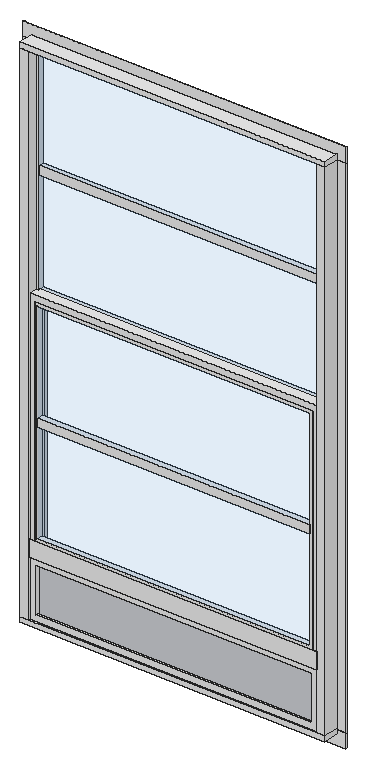
Revit family "Window_Curtain_Wall-Single_Hung-Traco-TR_9100-Heavy_Commercial-Tri_Lite", category Windows, Revit 2015
Parameters (values of type "TR-9100 - SH/Fixed-Bottom")
  Window Width [instance] = if(CTRL Opening Width - Window Right Inset - Window Left Inset < Width Minimum, Width Minimum, if(CTRL Opening Width - Window Right Inset - Window Left Inset > Width Maximum, Width Maximum, CTRL Opening Width - Window Right Inset - Window Left Inset))  # 5' - 4.49761"
  Window Top Inset [instance] = 0' - 0"
  Window Right Inset [instance] = 0' - 0"
  Window Muntin Type [instance] = Muntin-Grid-Traco-Lites : True
  Window Left Inset [instance] = 0' - 0"
  Window Height [instance] = if(CTRL Opening Height - Window Top Inset - Window Bottom Inset < Height Minimum, Height Minimum, if(CTRL Opening Height - Window Bottom Inset - Window Top Inset > Height Maximum, Height Maximum, CTRL Opening Height - Window Top Inset - Window Bottom Inset))  # 9' - 2"
  Window Bottom Inset [instance] = 0' - 0"
  Width Minimum = 2' - 0"
  Width Maximum = 10' - 0"
  Water Resistance = 15.0000 psf
  Uniform Load Structural = 75.0000 psf
  Uniform Load Deflection = 50.0000 psf
  URL = "http://www.alcoa.com/traco/en/home.asp"
  U Factor = ".45 Per NFRC 100"
  Type Comments = "Single Hung with Bottom Panel"
  Test Size = "60\" X 99\""
  Sill Width = 0' - 1"
  Show Sill and Head [instance] = yes
  Screen Width [instance] = Window Width - (0' 1 3/4" * 2)  # 5' - 0.99761"
  Screen Height [instance] = CTRL Sash Bottom Height - (Rail Width / 2)  # 4' - 0"
  Sash Bottom Height [instance] = 1' - 6"
  Rail Width = 0' - 2"
  Product data url = "https://bimobject.com/kawneerna/product/91004"
  Product Page URL = "http://www.alcoa.com/traco/en/product.asp?cat_id=1905&prod_id=4193"
  Product Documentation Link = "http://www.alcoa.com/traco/cad/4193/010_CAD%20Files/010.pdf"
  Panel Thickness = 0' - 2"
  Panel Material = none
  Panel Height [instance] = 1' - 0"
  Model = "TR-9100 Tri-Lite"
  Manufacturer = "Traco"  # constant formula
  Keynote = "08500"
  Height Minimum = 2' - 0"
  Height Maximum = 10' - 0"
  Head Width = 0' - 1"
  Head Extension Right [instance] = 0' - 0"
  Head Extension Left [instance] = 0' - 0"
  Has Window Screen [instance] = yes
  Has Unequal Sash [instance] = no
  Has Muntins = no
  Has Flange Frame [instance] = yes
  Glazing Thickness = 0' - 1"
  Glazing Material = Glass - Traco - Clear
  Frame Material = Aluminum - Traco - Anodized - Gray
  Forced Entry Resistance = "TYPE A: GRADE 10"
  Designation = "AAMA/WDMA/CSA 101/I.S.2/A-440-05: H-AW50 And AAMA/WDMA/CSA 101/I.S.2/A-440-08: AW-PG50-H"
  Description = "Heavy Commercial, Single Hung, Side Load"  # constant formula
  Depth = 0' - 3 1/4"
  Copyright © = "2011 Traco"  # constant formula
  Condensation Resistance = 0.0000 psf
  CTRL Sash Bottom Height [instance] = if(Has Unequal Sash, Sash Bottom Height, (Window Height - Panel Height) / 2)  # 4' - 1"
  Interior Offset [instance] = 0' - 6"
  CTRL Panel Trim Height = if(Panel Thickness < 0' 1 1/4", 0' 0 1/2", 0' 1 1/4")  # 0' - 1 1/4"
  CTRL Panel Trim Depth = if(Panel Thickness < 0' 1 1/4", 0' 0 3/16", 0' 0 3/4")  # 0' - 0 3/4"
  CTRL Opening Width [instance] = 5' - 4.49761"
  CTRL Opening Height [instance] = 9' - 2"
  CTRL Head Right Extension [instance] = if(Has Flange Frame, 0' 0", Head Extension Right)  # 0' - 0"
  CTRL Head Left Extension [instance] = if(Has Flange Frame, 0' 0", Head Extension Left)  # 0' - 0"
  CTRL Flange Width [instance] = if(Has Flange Frame, 0' 2", 0' 0")  # 0' - 2"
  Exterior Offset [instance] = 0' - 6"
  Assembly Code = "B2020110"
  Allowable Air Infiltration Maximum = "0.3 @ 6.2 PSF"
Reference planes (in)
  plane 1 "Front": y = 0
  plane 2 "Original Ref. Plane": z = 0
  plane 3 "Center (Left/Right)": x = 0
  plane 4 "Left": x = -32.2488
  plane 5 "Right": x = 32.2488
  plane 6 "Top": z = 110
  plane 7 "Window Interior Offset": y = -6
  plane 8 "Window Center F/B": y = 0
  plane 9 "Exterior/Back": y = 1.625
  plane 10 "Interior/Front": y = -1.625
  plane 11 "Window Left": x = -32.2488
  plane 12 "Window Right": x = 32.2488
  plane 13 "Window Top": z = 110
  plane 14 "Flange Top": z = 112
  plane 15 "Head Bottom": z = 109
  plane 16 "Glass Pocket Bottom": z = 108.437
  plane 17 "Meeting Rail Center T/B": z = 62
  plane 18 "Meeting Rail Top": z = 63
  plane 19 "Meeting Rail Bottom": z = 61
  plane 20 "Top Muntin Center T/B": z = 85.7185
  plane 21 "Bottom Muntin Center T/B": z = 38.9375
  plane 22 "Bottom Sash Glass B": z = 16.875
  plane 23 "Sash Frame Bottom": z = 16.312
  plane 24 "Bottom Glass Interior": y = -1.236
  plane 25 "Bottom Glass Exterior": y = -0.236
  plane 26 "Top Glass Exterior": y = 1.473
  plane 27 "Top Glass Interior": y = 0.473
  plane 28 "Frame Left": x = -30.4886
  plane 29 "Frame Right": x = 30.4886
  plane 30 "Flange Bottom": z = -2
  plane 31 "Flange Right": x = 34.2488
  plane 32 "Flange Left": x = -34.2488
  plane 33 "Flange Thickness": y = 1.5625
  plane 34 "Sill Slope Bottom": z = 13.375
  plane 35 "Sill Slope Top": z = 13.8161
  plane 36 "Intermediate Sill Top": z = 14.4961
  plane 37 "Bottom Sash Exterior": y = 0.155
  plane 38 "Frame Right Inset": x = 28.8738
  plane 39 "Frame Left Inset": x = -28.8738
  plane 40 "Bottom Glass Interior Offset": y = -1.361
  plane 41 "Bottom Glass Exterior Offset": y = -0.111
  plane 42 "Top Glass Exterior Offset": y = 1.598
  plane 43 "Top Glass Interior Offset": y = 0.348
  plane 44 "Bottom Glass T": z = 61.563
  plane 45 "Top Glass B": z = 62.437
  plane 46 "Top Frame Right Inset": x = 29.9256
  plane 47 "Top Frame Left Inset": x = -29.9256
  plane 48 "Bottom Frame Right Inset": x = 29.4368
  plane 49 "Bottom Frame Left Inset": x = -29.4368
  plane 50 "Top Glass Center F/B": y = 0.973
  plane 51 "Bottom Glass Center F/B": y = -0.736
  plane 52 "Sill/Head Left Extension": x = -34.2488
  plane 53 "Sill/Head Right Extension": x = 34.2488
  plane 54 "Interior/Front Inset": y = -1.5625
  plane 55 "Sill Top": z = 1
  plane 56 "Intermediate Sill Bottom": z = 12.5
  plane 57 "Intermediate Sill Bottom Inset": z = 13
  plane 58 "Sill Top Offset": z = 1.5
  plane 59 "Panel Thickness Int.": y = -0.5625
  plane 60 "Panel Interior Trim": y = -1.3125
  plane 61 "Panel Trim Bottom": z = 2.25
  plane 62 "Panel Trim Top": z = 11.75
  plane 63 "Panel Trim Right": x = 29.2386
  plane 64 "Panel Trim Left": x = -29.2386
  plane 65 "Panel Thickness Ext.": y = 1.4375
  plane 66 "Panel Center L/R": y = 0.4375
  plane 67 "Window Bottom": z = 0
  plane 68 "Window Center (Left/Right)": x = 0
Forms (in)
  Sweep 1, solid, material "Aluminum - Traco - Anodized - Gray" <- "Frame Material"
    path origin (0, 0, 0) x (-1, 0, 0) y (0, 0, 1)
      loop
        line (0, 1) -> (0, 109)
    profile origin (0, 0, 55) x (1, 0, 0) y (0, 1, 0)
      loop
        line (-30.4886, -1.625) -> (-30.4886, 1.5625) -> (-32.2488, 1.5625) -> (-32.2488, -1.625) -> (-30.4886, -1.625)
      loop
        line (30.4886, -1.625) -> (32.2488, -1.625) -> (32.2488, 1.5625) -> (30.4886, 1.5625) -> (30.4886, -1.625)
  Sweep 2, solid, material "Aluminum - Traco - Anodized - Gray" <- "Frame Material"
    path origin (0, 0, 0) x (-1, 0, 0) y (0, 0, 1)
      loop
        line (-30.4886, 13.375) -> (30.4886, 13.375)
    profile origin (0, 0, 13.375) x (0, 0, 1) y (0, 1, 0)
      loop
        line (1.1211, -1.5625) -> (1.1211, 0.155) -> (0.4411, 0.155) -> (0, 1.625) -> (-0.375, 1.625) -> (-0.375, -1.5625) -> (1.1211, -1.5625)
  Sweep 3, solid, material "Aluminum - Traco - Anodized - Gray" <- "Frame Material"
    path origin (-1.19115, 0, 71.94551) x (-1, 0, 0) y (0, 0, 1)
      loop
        line (-33.43995, 37.05449) -> (31.05765, 37.05449)
    profile origin (0, 0, 109) x (0, 0, 1) y (0, 1, 0)
      loop
        line (0, 1.5625) -> (0, -1.625) -> (1, -1.625) -> (1, 1.5625) -> (0, 1.5625)
  Sweep 4, solid, material "Aluminum - Traco - Anodized - Gray" <- "Frame Material"
    path origin (0, 1.5625, 0) x (-1, 0, 0) y (0, 0, 1)
      loop
        line (0, 1) -> (0, 109)
    profile origin (0, 1.5625, 55) x (1, 0, 0) y (0, 1, 0)
      loop
        line (-30.4886, 0) -> (-30.4886, 0.0625) -> (-34.2488, 0.0625) -> (-34.2488, 0) -> (-30.4886, 0)
      loop
        line (30.4886, 0) -> (34.2488, 0) -> (34.2488, 0.0625) -> (30.4886, 0.0625) -> (30.4886, 0)
  Sweep 5, solid, material "Aluminum - Traco - Anodized - Gray" <- "Frame Material", visible <- "Show Sill and Head"
    path origin (-1.31088, 0, 70.30922) x (-1, 0, 0) y (0, 0, 1)
      loop
        line (-35.55968, 41.69078) -> (32.93792, 41.69078)
    profile origin (0, 0, 112) x (0, 0, 1) y (0, 1, 0)
      loop
        line (-3, 1.625) -> (-3, 1.5625) -> (0, 1.5625) -> (0, 1.625) -> (-3, 1.625)
  Sweep 6, solid, material "Aluminum - Traco - Anodized - Gray" <- "Frame Material"
    path origin (-0.05903, 0, 2.24309) x (-1, 0, 0) y (0, 0, 1)
      loop
        line (-30.54763, 14.06891) -> (30.42957, 14.06891)
    profile origin (0, 0, 16.312) x (0, 0, 1) y (0, 1, 0)
      loop
        line (-1.8159, 0.155) -> (-1.8159, -1.5625) -> (0, -1.5625) -> (0, 0.155) -> (-1.8159, 0.155)
  Sweep 7, solid, material "Aluminum - Traco - Anodized - Gray" <- "Frame Material", detail levels medium+fine
    path origin (0, -1.361, 0) x (-1, 0, 0) y (0, 0, 1)
      loop
        line (-28.8738, 16.875) -> (28.8738, 16.875) -> (28.8738, 61) -> (-28.8738, 61) -> (-28.8738, 16.875)
    profile origin (0, -1.361, 16.875) x (0, 0, 1) y (0, 1, 0)
      loop
        line (-0.563, 0) -> (0, 0) -> (0, 1.25) -> (-0.563, 1.25) -> (-0.563, 0)
  Extrusion 8, solid, material "Glass - Traco - Clear" <- "Glazing Material"
    sketch origin (0, 0, 0) x (1, 0, 0) y (0, 0, 1)
      loop
        line (30.4886, 61.563) -> (-30.4886, 61.563) -> (-30.4886, 16.312) -> (30.4886, 16.312) -> (30.4886, 61.563)
    from 0.236 to 1.236
  Sweep 9, solid, material "Aluminum - Traco - Anodized - Gray" <- "Frame Material", detail levels medium+fine
    path origin (0, 1.598, 0) x (-1, 0, 0) y (0, 0, 1)
      loop
        line (-29.9256, 63) -> (-29.9256, 108.437) -> (29.9256, 108.437) -> (29.9256, 63)
    profile origin (0, 1.598, 108.437) x (0, 0, 1) y (0, 1, 0)
      loop
        line (0, -1.25) -> (0.563, -1.25) -> (0.563, 0) -> (0, 0) -> (0, -1.25)
  Extrusion 10, solid, material "Glass - Traco - Clear" <- "Glazing Material"
    sketch origin (-3, 0, 39) x (1, 0, 0) y (0, 0, 1)
      loop
        line (33.4886, 70) -> (-27.4886, 70) -> (-27.4886, 24) -> (33.4886, 24) -> (33.4886, 70)
    from -1.473 to -0.473
  Sweep 11, solid, material "Aluminum - Traco - Anodized - Gray" <- "Frame Material"
    path origin (0, 0, 0) x (1, 0, 0) y (0, 0, 1)
      loop
        line (30.4886, 62) -> (-30.4886, 62)
    profile origin (0, 0, 62) x (0, 0, -1) y (0, -1, 0)
      loop
        line (-1, 1.361) -> (-1, -1.598) -> (1, -1.598) -> (1, 0.111) -> (0.437, 0.111) -> (0.437, 1.361) -> (-1, 1.361)
  Sweep 12, solid, material "Aluminum - Traco - Anodized - Gray" <- "Frame Material"
    path origin (0.15765, 0, -0.40863) x (1, 0, 0) y (0, 0, 1)
      loop
        line (-0.15765, 14.90473) -> (-0.15765, 61.97163)
    profile origin (0, 0, 38.02955) x (-1, 0, 0) y (0, -1, 0)
      loop
        line (29.4368, 1.361) -> (29.4368, -0.155) -> (30.4886, -0.155) -> (30.4886, 1.361) -> (29.4368, 1.361)
      loop
        line (-29.4368, 1.361) -> (-30.4886, 1.361) -> (-30.4886, -0.155) -> (-29.4368, -0.155) -> (-29.4368, 1.361)
  Sweep 13, solid, material "Aluminum - Traco - Anodized - Gray" <- "Frame Material"
    path origin (0, 0, -0.00501) x (-1, 0, 0) y (0, 0, 1)
      loop
        line (-30.4886, 16.31701) -> (30.4886, 16.31701)
    profile origin (0, 0, 16.312) x (0, 0, 1) y (0, 1, 0)
      loop
        line (0, -1.625) -> (0, -1.5625) -> (-3.312, -1.5625) -> (-3.312, -1.625) -> (0, -1.625)
  Sweep 14, solid, material "Aluminum - Traco - Anodized - Gray" <- "Frame Material", visible <- "Show Sill and Head"
    path origin (-0.13837, 0, -9.24094) x (-1, 0, 0) y (0, 0, 1)
      loop
        line (-34.38717, 7.24094) -> (34.11044, 7.24094)
    profile origin (0, 0, -2) x (0, 0, 1) y (0, 1, 0)
      loop
        line (0, 1.625) -> (0, 1.5625) -> (3, 1.5625) -> (3, 1.625) -> (0, 1.625)
  Sweep 15, solid, material "Aluminum - Traco - Anodized - Gray" <- "Frame Material"
    path origin (-0.13837, 0, -9.30141) x (-1, 0, 0) y (0, 0, 1)
      loop
        line (-32.38717, 9.30141) -> (32.11044, 9.30141)
    profile origin (0, 0, 0) x (0, 0, 1) y (0, 1, 0)
      loop
        line (0, 1.5625) -> (0, -1.625) -> (1, -1.625) -> (1, 1.5625) -> (0, 1.5625)
  Sweep 16, solid, material "Aluminum - Traco - Anodized - Gray" <- "Frame Material", detail levels medium+fine
    path origin (0, -0.5625, 0) x (-1, 0, 0) y (0, 0, 1)
      loop
        line (-29.2386, 2.25) -> (29.2386, 2.25) -> (29.2386, 11.75) -> (-29.2386, 11.75) -> (-29.2386, 2.25)
    profile origin (0, -0.5625, 2.25) x (0, 0, 1) y (0, 1, 0)
      loop
        line (-1.25, -0.75) -> (0, -0.75) -> (0, 0) -> (-1.25, 0) -> (-1.25, -0.75)
      loop
        line (-1.25, 2.1875) -> (-1.25, 2) -> (-0.75, 2) -> (-0.75, 2.1875) -> (-1.25, 2.1875)
  Extrusion 17, solid, material <- "Panel Material"
    sketch origin (-5.5, 0, -22.25) x (1, 0, 0) y (0, 0, 1)
      loop
        line (35.9886, 35.25) -> (-24.9886, 35.25) -> (-24.9886, 23.25) -> (35.9886, 23.25) -> (35.9886, 35.25)
    from -1.4375 to 0.5625
Cuts and joins
  joined: Sweep 6, Sweep 11, Sweep 12
  joined: Sweep 2, Sweep 13
Lines and regions (in)
  Masking region 1
    outline origin (0, 0, 0) x (-1, 0, 0) y (0, 0, 1)
      loop
        line (-34.2488, 109) -> (-34.2488, 1) -> (-30.4886, 1) -> (-30.4886, 109) -> (-34.2488, 109)
      loop
        line (30.4886, 1) -> (34.2488, 1) -> (34.2488, 109) -> (30.4886, 109) -> (30.4886, 1)
  Masking region 2, visible <- "Show Sill and Head"
    outline origin (0, 0, 0) x (-1, 0, 0) y (0, 0, 1)
      loop
        line (-34.2488, 112) -> (-34.2488, 109) -> (34.2488, 109) -> (34.2488, 112) -> (-34.2488, 112)
      loop
        line (30.4886, 13) -> (30.4886, 13.375) -> (-30.4886, 13.375) -> (-30.4886, 13) -> (30.4886, 13)
  Masking region 3
    outline origin (0, 1.625, 0) x (-1, 0, 0) y (0, 0, 1)
      loop
        line (-30.4886, 63) -> (-30.4886, 61) -> (30.4886, 61) -> (30.4886, 63) -> (-30.4886, 63)
  Masking region 4
    outline origin (0, -1.361, 0) x (-1, 0, 0) y (0, 0, 1)
      loop
        line (-29.4368, 13.375) -> (-29.4368, 61.563) -> (-30.4886, 61.563) -> (-30.4886, 13.375) -> (-29.4368, 13.375)
      loop
        line (29.4368, 13.375) -> (30.4886, 13.375) -> (30.4886, 61.563) -> (29.4368, 61.563) -> (29.4368, 13.375)
  Masking region 5, detail levels medium+fine
    outline origin (0, -1.236, 0) x (-1, 0, 0) y (0, 0, 1)
      loop
        line (-29.4368, 61.563) -> (-29.4368, 16.312) -> (29.4368, 16.312) -> (29.4368, 61.563) -> (-29.4368, 61.563)
      loop
        line (-28.8738, 61) -> (-28.8738, 16.875) -> (28.8738, 16.875) -> (28.8738, 61) -> (-28.8738, 61)
  Masking region 6
    outline origin (0, -1.625, 0) x (-1, 0, 0) y (0, 0, 1)
      loop
        line (-29.4368, 16.312) -> (-29.4368, 13.375) -> (29.4368, 13.375) -> (29.4368, 16.312) -> (-29.4368, 16.312)
  Masking region 7, detail levels medium+fine
    outline origin (0, 1.473, 0) x (-1, 0, 0) y (0, 0, 1)
      loop
        line (-30.4886, 109) -> (-30.4886, 62.437) -> (30.4886, 62.437) -> (30.4886, 109) -> (-30.4886, 109)
      loop
        line (-29.9256, 108.437) -> (-29.9256, 63) -> (29.9256, 63) -> (29.9256, 108.437) -> (-29.9256, 108.437)
  Masking region 8
    outline origin (0, 0.473, 0) x (-1, 0, 0) y (0, 0, 1)
      loop
        line (30.4886, 62.437) -> (30.4886, 109) -> (-30.4886, 109) -> (-30.4886, 62.437) -> (30.4886, 62.437)
  Masking region 9
    outline origin (0, -0.236, 0) x (-1, 0, 0) y (0, 0, 1)
      loop
        line (29.4368, 16.312) -> (29.4368, 61.563) -> (-29.4368, 61.563) -> (-29.4368, 16.312) -> (29.4368, 16.312)
  Masking region 10
    outline origin (0, 0, 0) x (0, 1, 0) y (0, 0, 1)
      loop
        line (1.625, 0) -> (1.625, 110) -> (-1.625, 110) -> (-1.625, 0) -> (1.625, 0)
  Masking region 11
    outline origin (0, 0, 62) x (1, 0, 0) y (0, 1, 0)
      loop
        line (32.2488, -1.625) -> (32.2488, 1.625) -> (-32.2488, 1.625) -> (-32.2488, -1.625) -> (32.2488, -1.625)
  Masking region 12, visible <- "Show Sill and Head"
    outline origin (0.563, 0, -5.9789) x (-1, 0, 0) y (0, 0, 1)
      loop
        line (-33.6858, 117.9789) -> (-33.6858, 114.9789) -> (34.8118, 114.9789) -> (34.8118, 117.9789) -> (-33.6858, 117.9789)
      loop
        line (34.8118, 3.9789) -> (34.8118, 6.9789) -> (-33.6858, 6.9789) -> (-33.6858, 3.9789) -> (34.8118, 3.9789)
  Masking region 13
    outline origin (0, -0.5625, 0) x (-1, 0, 0) y (0, 0, 1)
      loop
        line (30.4886, 1) -> (30.4886, 13) -> (-30.4886, 13) -> (-30.4886, 1) -> (30.4886, 1)
  Masking region 14, detail levels medium+fine
    outline origin (0, 1.625, 0) x (-1, 0, 0) y (0, 0, 1)
      loop
        line (-30.4886, 13) -> (-30.4886, 1) -> (30.4886, 1) -> (30.4886, 13) -> (-30.4886, 13)
      loop
        line (-29.9886, 12.5) -> (-29.9886, 1.5) -> (29.9886, 1.5) -> (29.9886, 12.5) -> (-29.9886, 12.5)
  Masking region 15, detail levels medium+fine
    outline origin (0, -1.3125, 0) x (-1, 0, 0) y (0, 0, 1)
      loop
        line (-30.4886, 13) -> (-30.4886, 1) -> (30.4886, 1) -> (30.4886, 13) -> (-30.4886, 13)
      loop
        line (-29.2386, 11.75) -> (-29.2386, 2.25) -> (29.2386, 2.25) -> (29.2386, 11.75) -> (-29.2386, 11.75)
  Split face 1
    outline origin (30.4886, 1.598, 63) x (-1, 0, 0) y (0, -1, 0)
      loop
        line (60.97721, 1.125) -> (0, 1.125)
  Split face 2
    outline origin (30.4886, 1.598, 63) x (-1, 0, 0) y (0, -1, 0)
      loop
        line (60.97721, 1.25) -> (0, 1.25)
  symbolic lines, style "WindowsFrameMullionProjection", detail levels medium+fine
    curve 1: line (28.8738, -0.236, 61) -> (28.8738, -0.236, 16.875)
    curve 2: line (28.8738, -0.236, 16.875) -> (-28.8738, -0.236, 16.875)
    curve 3: line (-28.8738, -0.236, 16.875) -> (-28.8738, -0.236, 61)
  symbolic lines, style "WindowsSillHeadProjection"
    curve 4: line (0, -1.625, 110) -> (0, 1.625, 110)
    curve 5: line (0, -1.625, 109) -> (0, -1.625, 110)
    curve 6: line (0, 1.625, 109) -> (0, -1.625, 109)
    curve 7: line (0, 1.625, 112) -> (0, 1.625, 109)
    curve 8: line (0, -1.625, 16.312) -> (0, 0.155, 16.312)
    curve 9: line (0, 0.155, 16.312) -> (0, 0.155, 13.8161)
    curve 10: line (0, 0.155, 13.8161) -> (0, 1.625, 13.375)
    curve 11: line (0, 1.625, 13.375) -> (0, 1.625, 13)
    curve 12: line (0, 1.625, 0) -> (0, -1.625, 0)
    curve 13: line (0, -1.625, 0) -> (0, -1.625, 1)
    curve 93: line (0, -1.625, 13) -> (0, 1.625, 13)
    curve 94: line (0, 1.625, 1) -> (0, -1.625, 1)
    curve 95: line (0, -1.625, 13) -> (0, -1.625, 16.312)
    curve 96: line (0, 1.625, -2) -> (0, 1.625, 1)
  symbolic lines, style "WindowsGlassProjection", detail levels medium+fine
    curve 14: line (0, 0.473, 109) -> (0, 0.473, 62.437)
    curve 15: line (0, 1.473, 109) -> (0, 1.473, 62.437)
    curve 16: line (0, -1.236, 61.563) -> (0, -1.236, 16.312)
    curve 17: line (0, -0.236, 61.563) -> (0, -0.236, 16.312)
    curve 52: line (30.4886, 1.473, 62) -> (-30.4886, 1.473, 62)
    curve 53: line (-30.4886, 0.473, 62) -> (30.4886, 0.473, 62)
    curve 55: line (29.4368, -0.236, 62) -> (-29.4368, -0.236, 62)
    curve 56: line (-29.4368, -1.236, 62) -> (29.4368, -1.236, 62)
    curve 90: line (0, -0.5625, 13) -> (0, -0.5625, 1)
    curve 91: line (0, 1.4375, 13) -> (0, 1.4375, 1)
  symbolic lines, style "WindowsGlassProjection", detail levels coarse
    curve 18: line (0, 0.973, 109) -> (0, 0.973, 62.437)
    curve 19: line (0, -0.736, 61.563) -> (0, -0.736, 16.312)
    curve 54: line (-30.4886, 0.973, 62) -> (30.4886, 0.973, 62)
    curve 57: line (-29.4368, -0.736, 62) -> (29.4368, -0.736, 62)
    curve 92: line (0, 0.4375, 13) -> (0, 0.4375, 1)
  symbolic lines, style "WindowsFrameMullionProjection", detail levels fine
    curve 20: line (0, -1.361, 61.563) -> (0, -1.361, 61)
    curve 21: line (0, -1.361, 61) -> (0, -1.236, 61)
    curve 22: line (0, -0.236, 61) -> (0, -0.111, 61)
    curve 23: line (0, -0.111, 61) -> (0, -0.111, 61.563)
    curve 24: line (0, 0.348, 62.437) -> (0, 0.348, 63)
    curve 25: line (0, 0.348, 63) -> (0, 0.473, 63)
    curve 26: line (0, 1.473, 63) -> (0, 1.598, 63)
    curve 27: line (0, 1.598, 63) -> (0, 1.598, 62.437)
    curve 28: line (0, 0.348, 109) -> (0, 0.348, 108.437)
    curve 29: line (0, 0.348, 108.437) -> (0, 0.473, 108.437)
    curve 30: line (0, 1.473, 108.437) -> (0, 1.598, 108.437)
    curve 31: line (0, 1.598, 108.437) -> (0, 1.598, 109)
    curve 32: line (0, -1.361, 16.312) -> (0, -1.361, 16.875)
    curve 33: line (0, -1.361, 16.875) -> (0, -1.236, 16.875)
    curve 34: line (0, -0.236, 16.875) -> (0, -0.111, 16.875)
    curve 35: line (0, -0.111, 16.875) -> (0, -0.111, 16.312)
    curve 58: line (-30.4886, 1.598, 62) -> (-29.9256, 1.598, 62)
    curve 59: line (-29.9256, 1.598, 62) -> (-29.9256, 1.473, 62)
    curve 60: line (-30.4886, 0.348, 62) -> (-29.9256, 0.348, 62)
    curve 61: line (-29.9256, 0.348, 62) -> (-29.9256, 0.473, 62)
    curve 62: line (30.4886, 0.348, 62) -> (29.9256, 0.348, 62)
    curve 63: line (29.9256, 0.348, 62) -> (29.9256, 0.473, 62)
    curve 64: line (30.4886, 1.598, 62) -> (29.9256, 1.598, 62)
    curve 65: line (29.9256, 1.598, 62) -> (29.9256, 1.473, 62)
    curve 70: line (-29.4368, -0.111, 62) -> (-28.8738, -0.111, 62)
    curve 71: line (-28.8738, -0.111, 62) -> (-28.8738, -0.236, 62)
    curve 72: line (-29.4368, -1.361, 62) -> (-28.8738, -1.361, 62)
    curve 73: line (-28.8738, -1.361, 62) -> (-28.8738, -1.236, 62)
    curve 78: line (29.4368, -0.111, 62) -> (28.8738, -0.111, 62)
    curve 79: line (28.8738, -0.111, 62) -> (28.8738, -0.236, 62)
    curve 80: line (29.4368, -1.361, 62) -> (28.8738, -1.361, 62)
    curve 81: line (28.8738, -1.361, 62) -> (28.8738, -1.236, 62)
    curve 82: line (0, -1.3125, 13) -> (0, -1.3125, 11.75)
    curve 83: line (0, -1.3125, 11.75) -> (0, -0.5625, 11.75)
    curve 84: line (0, 1.625, 13) -> (0, 1.625, 12.5)
    curve 85: line (0, 1.625, 12.5) -> (0, 1.4375, 12.5)
    curve 86: line (0, -1.3125, 1) -> (0, -1.3125, 2.25)
    curve 87: line (0, -1.3125, 2.25) -> (0, -0.5625, 2.25)
    curve 88: line (0, 1.625, 1) -> (0, 1.625, 1.5)
    curve 89: line (0, 1.625, 1.5) -> (0, 1.4375, 1.5)
  symbolic lines, style "WindowsFrameMullionProjection"
    curve 36: line (0, -1.361, 63) -> (0, 0.348, 63)
    curve 37: line (0, 0.348, 63) -> (0, 0.348, 62.437)
    curve 38: line (0, 0.348, 62.437) -> (0, 1.598, 62.437)
    curve 39: line (0, 1.598, 62.437) -> (0, 1.598, 61)
    curve 40: line (0, 1.598, 61) -> (0, -0.111, 61)
    curve 41: line (0, -0.111, 61) -> (0, -0.111, 61.563)
    curve 42: line (0, -0.111, 61.563) -> (0, -1.361, 61.563)
    curve 43: line (0, -1.361, 61.563) -> (0, -1.361, 63)
    curve 44: line (-30.4886, -1.625, 62) -> (-32.2488, -1.625, 62)
    curve 45: line (-30.4886, 1.625, 62) -> (-30.4886, -1.625, 62)
    curve 46: line (-34.2488, 1.625, 62) -> (-30.4886, 1.625, 62)
    curve 47: line (-32.2488, -1.625, 62) -> (-32.2488, 1.625, 62)
    curve 48: line (32.2488, -1.625, 62) -> (30.4886, -1.625, 62)
    curve 49: line (32.2488, 1.625, 62) -> (32.2488, -1.625, 62)
    curve 50: line (30.4886, 1.625, 62) -> (34.2488, 1.625, 62)
    curve 51: line (30.4886, -1.625, 62) -> (30.4886, 1.625, 62)
    curve 66: line (-29.4368, -1.361, 62) -> (-30.4886, -1.361, 62)
    curve 67: line (-29.4368, 0, 62) -> (-29.4368, -1.361, 62)
    curve 68: line (-30.4886, 0, 62) -> (-29.4368, 0, 62)
    curve 69: line (-30.4886, -1.361, 62) -> (-30.4886, 0, 62)
    curve 74: line (29.4368, -1.361, 62) -> (30.4886, -1.361, 62)
    curve 75: line (29.4368, 0, 62) -> (29.4368, -1.361, 62)
    curve 76: line (30.4886, 0, 62) -> (29.4368, 0, 62)
    curve 77: line (30.4886, -1.361, 62) -> (30.4886, 0, 62)
  symbolic lines, style "Windows", detail levels fine
    curve 97: line (0, 0, 34.0625) -> (0, 0, 43.8125)
    curve 98: line (0, 0, 43.8125) -> (1, 0, 42.08045)
    curve 99: line (0, 0, 43.8125) -> (-1, 0, 42.08045)
Text (in)
  text "Exterior" at (-54.29358, 31.38743, 0), in view "Ref. Level"
  text "Exterior" at (480, 41.53993, 89.60405), in view "Right"
  text "Exterior" at (-240, 57.82419, 105.78864), in view "Left"
Dimensions and locks (in)
  equal spacing: plane 4 "Left", plane 3 "Center (Left/Right)", plane 5 "Right"
  "Interior Offset": plane 7 "Window Interior Offset" to plane 1 "Front"
  "Exterior Offset": plane 8 "Window Center F/B" to plane 7 "Window Interior Offset"
  equal spacing: plane 9 "Exterior/Back", plane 8 "Window Center F/B", plane 10 "Interior/Front"
  "Depth": plane 9 "Exterior/Back" to plane 10 "Interior/Front"
  "CTRL Flange Width": plane 13 "Window Top" to plane 14 "Flange Top"
  "Head Width": plane 15 "Head Bottom" to plane 13 "Window Top"
  locked: plane 16 "Glass Pocket Bottom" to plane 15 "Head Bottom" at 0.563
  equal spacing: plane 18 "Meeting Rail Top", plane 20 "Top Muntin Center T/B", plane 16 "Glass Pocket Bottom"
  "Glazing Thickness": plane 24 "Bottom Glass Interior" to plane 25 "Bottom Glass Exterior"
  "Glazing Thickness": plane 27 "Top Glass Interior" to plane 26 "Top Glass Exterior"
  locked: plane 29 "Frame Right" to plane 12 "Window Right" at 1.7602
  locked: plane 11 "Window Left" to plane 28 "Frame Left" at 1.7602
  "CTRL Flange Width": plane 12 "Window Right" to plane 31 "Flange Right"
  "CTRL Flange Width": plane 32 "Flange Left" to plane 11 "Window Left"
  "CTRL Flange Width": plane 30 "Flange Bottom" to plane 67 "Window Bottom"
  locked: plane 9 "Exterior/Back" to plane 33 "Flange Thickness" at 0.0625
  locked: plane 34 "Sill Slope Bottom" to plane 35 "Sill Slope Top" at 0.4411
  locked: plane 35 "Sill Slope Top" to plane 36 "Intermediate Sill Top" at 0.68
  locked: plane 34 "Sill Slope Bottom" to plane 22 "Bottom Sash Glass B" at 3.5
  locked: plane 38 "Frame Right Inset" to plane 12 "Window Right" at 3.375
  locked: plane 11 "Window Left" to plane 39 "Frame Left Inset" at 3.375
  locked: plane 23 "Sash Frame Bottom" to plane 22 "Bottom Sash Glass B" at 0.563
  locked: plane 44 "Bottom Glass T" to plane 19 "Meeting Rail Bottom" at 0.563
  locked: plane 18 "Meeting Rail Top" to plane 45 "Top Glass B" at 0.563
  locked: plane 46 "Top Frame Right Inset" to plane 29 "Frame Right" at 0.563
  locked: plane 28 "Frame Left" to plane 47 "Top Frame Left Inset" at 0.563
  "CTRL Opening Height": plane 2 "Original Ref. Plane" to plane 6 "Top"
  equal spacing: plane 22 "Bottom Sash Glass B", plane 21 "Bottom Muntin Center T/B", plane 19 "Meeting Rail Bottom"
  locked: plane 38 "Frame Right Inset" to plane 48 "Bottom Frame Right Inset" at 0.563
  locked: plane 49 "Bottom Frame Left Inset" to plane 39 "Frame Left Inset" at 0.563
  locked: plane 10 "Interior/Front" to plane 51 "Bottom Glass Center F/B" at 0.889
  locked: plane 50 "Top Glass Center F/B" to plane 9 "Exterior/Back" at 0.652
  equal spacing: plane 27 "Top Glass Interior", plane 50 "Top Glass Center F/B", plane 26 "Top Glass Exterior"
  equal spacing: plane 24 "Bottom Glass Interior", plane 51 "Bottom Glass Center F/B", plane 25 "Bottom Glass Exterior"
  plane 40 "Bottom Glass Interior Offset" to plane 51 "Bottom Glass Center F/B" to plane 41 "Bottom Glass Exterior Offset" = 0' - 0 5/8" locked, 0' - 0 5/8" locked
  plane 43 "Top Glass Interior Offset" to plane 50 "Top Glass Center F/B" to plane 42 "Top Glass Exterior Offset" = 0' - 0 5/8" locked, 0' - 0 5/8" locked
  locked: plane 10 "Interior/Front" to plane 37 "Bottom Sash Exterior" at 1.78
  "CTRL Head Right Extension": plane 31 "Flange Right" to plane 53 "Sill/Head Right Extension"
  "CTRL Head Left Extension": plane 52 "Sill/Head Left Extension" to plane 32 "Flange Left"
  locked: plane 10 "Interior/Front" to plane 54 "Interior/Front Inset" at 0.0625
  locked: plane 57 "Intermediate Sill Bottom Inset" to plane 34 "Sill Slope Bottom" at 0.375
  "Sill Width": plane 67 "Window Bottom" to plane 55 "Sill Top"
  equal spacing: plane 19 "Meeting Rail Bottom", plane 17 "Meeting Rail Center T/B", plane 18 "Meeting Rail Top"
  locked: plane 56 "Intermediate Sill Bottom" to plane 22 "Bottom Sash Glass B" at 4.375
  locked: plane 58 "Sill Top Offset" to plane 55 "Sill Top" at 0.5
  "Panel Thickness": plane 59 "Panel Thickness Int." to plane 65 "Panel Thickness Ext."
  "CTRL Panel Trim Depth": plane 60 "Panel Interior Trim" to plane 59 "Panel Thickness Int."
  "CTRL Panel Trim Height": plane 61 "Panel Trim Bottom" to plane 55 "Sill Top"
  "CTRL Panel Trim Height": plane 57 "Intermediate Sill Bottom Inset" to plane 62 "Panel Trim Top"
  "CTRL Panel Trim Height": plane 63 "Panel Trim Right" to plane 29 "Frame Right"
  "CTRL Panel Trim Height": plane 28 "Frame Left" to plane 64 "Panel Trim Left"
  locked: plane 65 "Panel Thickness Ext." to plane 9 "Exterior/Back" at 0.1875
  "Panel Height": plane 55 "Sill Top" to plane 57 "Intermediate Sill Bottom Inset"
  "Rail Width": plane 19 "Meeting Rail Bottom" to plane 18 "Meeting Rail Top"
  equal spacing: plane 59 "Panel Thickness Int.", plane 66 "Panel Center L/R", plane 65 "Panel Thickness Ext."
  "CTRL Sash Bottom Height": plane 57 "Intermediate Sill Bottom Inset" to plane 17 "Meeting Rail Center T/B"
  "Window Right Inset": plane 12 "Window Right" to plane 5 "Right"
  "Window Bottom Inset": plane 2 "Original Ref. Plane" to plane 67 "Window Bottom"
  "CTRL Opening Width": plane 4 "Left" to plane 5 "Right"
  nested 1 to nested 1 = 4' - 0"
  "Window Height": plane 67 "Window Bottom" to plane 13 "Window Top"
  "Window Width": plane 11 "Window Left" to plane 12 "Window Right"
  curve 97 to plane 21 "Bottom Muntin Center T/B" to curve 97 = 0' - 4 7/8" locked, 0' - 4 7/8" locked
  equal spacing: plane 11 "Window Left", plane 68 "Window Center (Left/Right)", plane 12 "Window Right"
  aligned and locked: level to plane 2 "Original Ref. Plane"
  aligned and locked: Sweep 1 sketch curve to plane 3 "Center (Left/Right)"
  aligned and locked: plane 15 "Head Bottom" to Sweep 1 sketch curve
  aligned and locked: plane 33 "Flange Thickness" to Sweep 1 sketch curve
  aligned and locked: plane 11 "Window Left" to Sweep 1 sketch curve
  aligned and locked: Sweep 1 sketch curve to plane 28 "Frame Left"
  aligned and locked: Sweep 1 sketch curve to plane 10 "Interior/Front"
  aligned and locked: plane 12 "Window Right" to Sweep 1 sketch curve
  aligned and locked: Sweep 1 sketch curve to plane 29 "Frame Right"
  aligned and locked: plane 10 "Interior/Front" to Sweep 1 sketch curve
  aligned and locked: Sweep 1 sketch curve to plane 33 "Flange Thickness"
  aligned and locked: Sweep 2 sketch curve to plane 34 "Sill Slope Bottom"
  aligned and locked: plane 37 "Bottom Sash Exterior" to Sweep 2 sketch curve
  aligned and locked: plane 36 "Intermediate Sill Top" to Sweep 2 sketch curve
  aligned and locked: Sweep 2 sketch curve to plane 35 "Sill Slope Top"
  aligned and locked: plane 11 "Window Left" to Sweep 3 sketch curve
  aligned and locked: plane 12 "Window Right" to Sweep 3 sketch curve
  aligned and locked: Sweep 3 sketch curve to plane 15 "Head Bottom"
  aligned and locked: Sweep 3 sketch curve to plane 13 "Window Top"
  aligned and locked: plane 10 "Interior/Front" to Sweep 3 sketch curve
  aligned and locked: plane 15 "Head Bottom" to Sweep 3 sketch curve
  aligned and locked: Sweep 3 sketch curve to plane 33 "Flange Thickness"
  aligned and locked: Sweep 4 sketch curve to plane 3 "Center (Left/Right)"
  aligned and locked: Sweep 4 sketch curve to plane 9 "Exterior/Back"
  aligned and locked: Sweep 4 sketch curve to plane 29 "Frame Right"
  aligned and locked: plane 33 "Flange Thickness" to Sweep 4 sketch curve
  aligned and locked: plane 9 "Exterior/Back" to Sweep 4 sketch curve
  aligned and locked: Sweep 4 sketch curve to plane 33 "Flange Thickness"
  aligned and locked: Sweep 4 sketch curve to plane 28 "Frame Left"
  aligned and locked: plane 15 "Head Bottom" to Sweep 4 sketch curve
  aligned and locked: plane 32 "Flange Left" to Sweep 4 sketch curve
  aligned and locked: plane 31 "Flange Right" to Sweep 4 sketch curve
  aligned and locked: Sweep 5 sketch curve to plane 14 "Flange Top"  (x2)
  aligned and locked: Sweep 5 sketch curve to plane 9 "Exterior/Back"
  aligned and locked: plane 15 "Head Bottom" to Sweep 5 sketch curve
  aligned and locked: plane 33 "Flange Thickness" to Sweep 5 sketch curve
  aligned and locked: Sweep 6 sketch curve to plane 23 "Sash Frame Bottom"  (x2)
  aligned and locked: Sweep 6 sketch curve to plane 37 "Bottom Sash Exterior"
  aligned and locked: plane 36 "Intermediate Sill Top" to Sweep 6 sketch curve
  aligned and locked: Sweep 7 sketch curve to plane 22 "Bottom Sash Glass B"  (x2)
  aligned and locked: Sweep 7 sketch curve to plane 41 "Bottom Glass Exterior Offset"
  aligned and locked: plane 23 "Sash Frame Bottom" to Sweep 7 sketch curve
  aligned and locked: plane 40 "Bottom Glass Interior Offset" to Sweep 7 sketch curve
  aligned and locked: plane 23 "Sash Frame Bottom" to Extrusion 8 sketch curve
  aligned and locked: Extrusion 8 sketch curve to plane 28 "Frame Left"
  aligned and locked: plane 29 "Frame Right" to Extrusion 8 sketch curve
  aligned and locked: Extrusion 8 to plane 24 "Bottom Glass Interior"
  aligned and locked: plane 25 "Bottom Glass Exterior" to Extrusion 8
  aligned and locked: Sweep 7 sketch curve to plane 38 "Frame Right Inset"
  aligned and locked: plane 39 "Frame Left Inset" to Sweep 7 sketch curve
  aligned and locked: plane 19 "Meeting Rail Bottom" to Sweep 7 sketch curve
  aligned and locked: Sweep 7 to Extrusion 8
  aligned and locked: Sweep 9 sketch curve to plane 16 "Glass Pocket Bottom"  (x2)
  aligned and locked: plane 15 "Head Bottom" to Sweep 9 sketch curve
  aligned and locked: profile plane to Sweep 9 sketch curve
  aligned and locked: Sweep 9 sketch curve to plane 43 "Top Glass Interior Offset"
  aligned and locked: Extrusion 10 sketch curve to plane 15 "Head Bottom"
  aligned and locked: Extrusion 10 sketch curve to plane 28 "Frame Left"
  aligned and locked: plane 29 "Frame Right" to Extrusion 10 sketch curve
  aligned and locked: plane 26 "Top Glass Exterior" to Extrusion 10
  aligned and locked: Extrusion 10 to plane 27 "Top Glass Interior"
  aligned and locked: plane 28 "Frame Left" to Sweep 11 sketch curve
  aligned and locked: plane 29 "Frame Right" to Sweep 11 sketch curve
  aligned and locked: Sweep 11 sketch curve to plane 17 "Meeting Rail Center T/B"
  aligned and locked: plane 40 "Bottom Glass Interior Offset" to Sweep 11 sketch curve
  aligned and locked: Sweep 11 sketch curve to plane 18 "Meeting Rail Top"
  aligned and locked: Sweep 11 sketch curve to plane 42 "Top Glass Exterior Offset"
  aligned and locked: plane 19 "Meeting Rail Bottom" to Sweep 11 sketch curve
  aligned and locked: plane 41 "Bottom Glass Exterior Offset" to Sweep 11 sketch curve
  aligned and locked: plane 44 "Bottom Glass T" to Sweep 11 sketch curve
  aligned and locked: plane 46 "Top Frame Right Inset" to Sweep 9 sketch curve
  aligned and locked: Sweep 9 sketch curve to plane 47 "Top Frame Left Inset"
  aligned and locked: plane 36 "Intermediate Sill Top" to Sweep 12 sketch curve
  aligned and locked: Sweep 12 sketch curve to plane 3 "Center (Left/Right)"
  aligned and locked: plane 40 "Bottom Glass Interior Offset" to Sweep 12 sketch curve
  aligned and locked: Sweep 12 sketch curve to Sweep 7  (x2)
  aligned and locked: Sweep 12 sketch curve to plane 28 "Frame Left"
  aligned and locked: Sweep 12 sketch curve to plane 40 "Bottom Glass Interior Offset"
  aligned and locked: Sweep 12 sketch curve to plane 29 "Frame Right"
  aligned and locked: plane 44 "Bottom Glass T" to Sweep 12 sketch curve
  aligned and locked: plane 15 "Head Bottom" to Masking region 1 sketch curve
  aligned and locked: plane 32 "Flange Left" to Masking region 1 sketch curve
  aligned and locked: Masking region 1 sketch curve to plane 28 "Frame Left"
  aligned and locked: Masking region 1 sketch curve to plane 29 "Frame Right"
  aligned and locked: plane 31 "Flange Right" to Masking region 1 sketch curve
  aligned and locked: Masking region 1 sketch curve to plane 15 "Head Bottom"
  aligned and locked: Masking region 2 sketch curve to plane 14 "Flange Top"
  aligned and locked: plane 15 "Head Bottom" to Masking region 2 sketch curve
  aligned and locked: Masking region 2 sketch curve to plane 34 "Sill Slope Bottom"
  aligned and locked: Masking region 3 sketch curve to plane 28 "Frame Left"
  aligned and locked: plane 29 "Frame Right" to Masking region 3 sketch curve
  aligned and locked: Masking region 4 sketch curve to plane 44 "Bottom Glass T"
  aligned and locked: plane 29 "Frame Right" to Masking region 4 sketch curve
  aligned and locked: Masking region 4 sketch curve to plane 48 "Bottom Frame Right Inset"
  aligned and locked: plane 44 "Bottom Glass T" to Masking region 4 sketch curve
  aligned and locked: Masking region 4 sketch curve to plane 49 "Bottom Frame Left Inset"
  aligned and locked: plane 28 "Frame Left" to Masking region 4 sketch curve
  aligned and locked: plane 23 "Sash Frame Bottom" to Masking region 5 sketch curve
  aligned and locked: Masking region 5 sketch curve to plane 49 "Bottom Frame Left Inset"
  aligned and locked: plane 48 "Bottom Frame Right Inset" to Masking region 5 sketch curve
  aligned and locked: Masking region 5 sketch curve to plane 44 "Bottom Glass T"
  aligned and locked: plane 22 "Bottom Sash Glass B" to Masking region 5 sketch curve
  aligned and locked: Masking region 5 sketch curve to plane 39 "Frame Left Inset"
  aligned and locked: plane 38 "Frame Right Inset" to Masking region 5 sketch curve
  aligned and locked: Masking region 5 sketch curve to plane 19 "Meeting Rail Bottom"
  aligned and locked: plane 29 "Frame Right" to Sweep 6 sketch curve
  aligned and locked: plane 28 "Frame Left" to Sweep 6 sketch curve
  aligned and locked: plane 34 "Sill Slope Bottom" to Masking region 6 sketch curve
  aligned and locked: Masking region 6 sketch curve to plane 23 "Sash Frame Bottom"
  aligned and locked: Masking region 7 sketch curve to plane 15 "Head Bottom"
  aligned and locked: plane 29 "Frame Right" to Masking region 7 sketch curve
  aligned and locked: plane 46 "Top Frame Right Inset" to Masking region 7 sketch curve
  aligned and locked: Masking region 7 sketch curve to plane 16 "Glass Pocket Bottom"
  aligned and locked: Masking region 7 sketch curve to plane 28 "Frame Left"
  aligned and locked: Masking region 7 sketch curve to plane 47 "Top Frame Left Inset"
  aligned and locked: plane 45 "Top Glass B" to Masking region 7 sketch curve
  aligned and locked: plane 18 "Meeting Rail Top" to Masking region 7 sketch curve
  aligned and locked: Masking region 8 sketch curve to plane 15 "Head Bottom"
  aligned and locked: plane 29 "Frame Right" to Masking region 8 sketch curve
  aligned and locked: plane 45 "Top Glass B" to Masking region 8 sketch curve
  aligned and locked: Masking region 8 sketch curve to plane 28 "Frame Left"
  aligned and locked: Masking region 9 sketch curve to plane 44 "Bottom Glass T"
  aligned and locked: plane 48 "Bottom Frame Right Inset" to Masking region 9 sketch curve
  aligned and locked: Masking region 9 sketch curve to plane 49 "Bottom Frame Left Inset"
  aligned and locked: plane 23 "Sash Frame Bottom" to Masking region 9 sketch curve
  aligned and locked: plane 19 "Meeting Rail Bottom" to curve 1
  aligned and locked: plane 19 "Meeting Rail Bottom" to curve 3
  aligned and locked: curve 2 to plane 22 "Bottom Sash Glass B"
  aligned and locked: plane 39 "Frame Left Inset" to curve 3
  aligned and locked: curve 1 to plane 38 "Frame Right Inset"
  aligned and locked: Masking region 10 sketch curve to plane 13 "Window Top"
  aligned and locked: Masking region 10 sketch curve to plane 9 "Exterior/Back"
  aligned and locked: plane 10 "Interior/Front" to Masking region 10 sketch curve
  aligned and locked: plane 2 "Original Ref. Plane" to Masking region 10 sketch curve
  aligned and locked: curve 11 to plane 9 "Exterior/Back"
  aligned and locked: plane 2 "Original Ref. Plane" to curve 12
  aligned and locked: plane 34 "Sill Slope Bottom" to curve 11
  aligned and locked: plane 35 "Sill Slope Top" to curve 10
  aligned and locked: curve 9 to plane 37 "Bottom Sash Exterior"
  aligned and locked: plane 10 "Interior/Front" to curve 13
  aligned and locked: curve 8 to plane 23 "Sash Frame Bottom"
  aligned and locked: curve 7 to plane 9 "Exterior/Back"
  aligned and locked: curve 4 to plane 13 "Window Top"
  aligned and locked: plane 10 "Interior/Front" to curve 5
  aligned and locked: plane 14 "Flange Top" to curve 7
  aligned and locked: curve 16 to plane 24 "Bottom Glass Interior"
  aligned and locked: curve 17 to plane 25 "Bottom Glass Exterior"
  aligned and locked: plane 44 "Bottom Glass T" to curve 17
  aligned and locked: plane 45 "Top Glass B" to curve 14
  aligned and locked: plane 15 "Head Bottom" to curve 15
  aligned and locked: curve 18 to plane 50 "Top Glass Center F/B"
  aligned and locked: curve 19 to plane 51 "Bottom Glass Center F/B"
  aligned and locked: plane 44 "Bottom Glass T" to curve 23
  aligned and locked: plane 24 "Bottom Glass Interior" to curve 21
  aligned and locked: curve 21 to plane 19 "Meeting Rail Bottom"
  aligned and locked: curve 22 to plane 19 "Meeting Rail Bottom"
  aligned and locked: curve 27 to plane 42 "Top Glass Exterior Offset"
  aligned and locked: plane 27 "Top Glass Interior" to curve 25
  aligned and locked: plane 26 "Top Glass Exterior" to curve 26
  aligned and locked: curve 26 to plane 18 "Meeting Rail Top"
  aligned and locked: plane 43 "Top Glass Interior Offset" to curve 24
  aligned and locked: curve 25 to plane 18 "Meeting Rail Top"
  aligned and locked: plane 15 "Head Bottom" to curve 31
  aligned and locked: plane 42 "Top Glass Exterior Offset" to curve 31
  aligned and locked: plane 26 "Top Glass Exterior" to curve 30
  aligned and locked: curve 30 to plane 16 "Glass Pocket Bottom"
  aligned and locked: plane 27 "Top Glass Interior" to curve 29
  aligned and locked: curve 28 to plane 43 "Top Glass Interior Offset"
  aligned and locked: curve 29 to plane 16 "Glass Pocket Bottom"
  aligned and locked: plane 23 "Sash Frame Bottom" to curve 32
  aligned and locked: curve 35 to plane 41 "Bottom Glass Exterior Offset"
  aligned and locked: plane 25 "Bottom Glass Exterior" to curve 34
  aligned and locked: curve 34 to plane 22 "Bottom Sash Glass B"
  aligned and locked: plane 40 "Bottom Glass Interior Offset" to curve 32
  aligned and locked: curve 33 to plane 22 "Bottom Sash Glass B"
  aligned and locked: curve 36 to plane 18 "Meeting Rail Top"
  aligned and locked: plane 40 "Bottom Glass Interior Offset" to curve 43
  aligned and locked: plane 41 "Bottom Glass Exterior Offset" to curve 41
  aligned and locked: plane 19 "Meeting Rail Bottom" to curve 40
  aligned and locked: curve 39 to plane 42 "Top Glass Exterior Offset"
  aligned and locked: curve 38 to plane 45 "Top Glass B"
  aligned and locked: curve 37 to plane 43 "Top Glass Interior Offset"
  aligned and locked: Masking region 11 sketch curve to plane 11 "Window Left"
  aligned and locked: plane 10 "Interior/Front" to Masking region 11 sketch curve
  aligned and locked: Masking region 11 sketch curve to plane 9 "Exterior/Back"
  aligned and locked: plane 12 "Window Right" to Masking region 11 sketch curve
  aligned and locked: plane 10 "Interior/Front" to curve 44
  aligned and locked: plane 28 "Frame Left" to curve 45
  aligned and locked: plane 32 "Flange Left" to curve 46
  aligned and locked: curve 46 to plane 9 "Exterior/Back"
  aligned and locked: curve 51 to plane 29 "Frame Right"
  aligned and locked: plane 10 "Interior/Front" to curve 48
  aligned and locked: plane 31 "Flange Right" to curve 50
  aligned and locked: plane 12 "Window Right" to curve 49
  aligned and locked: curve 50 to plane 9 "Exterior/Back"
  aligned and locked: curve 54 to plane 50 "Top Glass Center F/B"
  aligned and locked: curve 56 to plane 24 "Bottom Glass Interior"
  aligned and locked: curve 57 to plane 51 "Bottom Glass Center F/B"
  aligned and locked: plane 25 "Bottom Glass Exterior" to curve 55
  aligned and locked: plane 26 "Top Glass Exterior" to curve 59
  aligned and locked: curve 58 to plane 42 "Top Glass Exterior Offset"
  aligned and locked: plane 28 "Frame Left" to curve 58
  aligned and locked: plane 47 "Top Frame Left Inset" to curve 59
  aligned and locked: plane 27 "Top Glass Interior" to curve 61
  aligned and locked: curve 60 to plane 43 "Top Glass Interior Offset"
  aligned and locked: curve 61 to plane 47 "Top Frame Left Inset"
  aligned and locked: plane 29 "Frame Right" to curve 64
  aligned and locked: plane 43 "Top Glass Interior Offset" to curve 62
  aligned and locked: plane 26 "Top Glass Exterior" to curve 65
  aligned and locked: plane 42 "Top Glass Exterior Offset" to curve 64
  aligned and locked: plane 46 "Top Frame Right Inset" to curve 65
  aligned and locked: plane 27 "Top Glass Interior" to curve 63
  aligned and locked: curve 63 to plane 46 "Top Frame Right Inset"
  aligned and locked: curve 68 to plane 8 "Window Center F/B"
  aligned and locked: curve 69 to plane 28 "Frame Left"
  aligned and locked: plane 49 "Bottom Frame Left Inset" to curve 67
  aligned and locked: plane 49 "Bottom Frame Left Inset" to curve 72
  aligned and locked: plane 24 "Bottom Glass Interior" to curve 73
  aligned and locked: plane 25 "Bottom Glass Exterior" to curve 71
  aligned and locked: curve 70 to plane 41 "Bottom Glass Exterior Offset"
  aligned and locked: curve 72 to plane 40 "Bottom Glass Interior Offset"
  aligned and locked: curve 73 to plane 39 "Frame Left Inset"
  aligned and locked: plane 39 "Frame Left Inset" to curve 71
  aligned and locked: plane 48 "Bottom Frame Right Inset" to curve 75
  aligned and locked: curve 77 to plane 29 "Frame Right"
  aligned and locked: curve 74 to plane 40 "Bottom Glass Interior Offset"
  aligned and locked: plane 38 "Frame Right Inset" to curve 79
  aligned and locked: plane 41 "Bottom Glass Exterior Offset" to curve 78
  aligned and locked: curve 81 to plane 38 "Frame Right Inset"
  aligned and locked: plane 53 "Sill/Head Right Extension" to Masking region 2 sketch curve
  aligned and locked: plane 53 "Sill/Head Right Extension" to Sweep 5 sketch curve
  aligned and locked: plane 52 "Sill/Head Left Extension" to Sweep 5 sketch curve
  aligned and locked: plane 54 "Interior/Front Inset" to Sweep 2 sketch curve
  aligned and locked: Sweep 6 sketch curve to plane 54 "Interior/Front Inset"
  aligned and locked: plane 29 "Frame Right" to Sweep 13 sketch curve
  aligned and locked: plane 28 "Frame Left" to Sweep 13 sketch curve
  aligned and locked: Sweep 13 sketch curve to plane 23 "Sash Frame Bottom"  (x2)
  aligned and locked: Sweep 13 sketch curve to plane 54 "Interior/Front Inset"
  aligned and locked: plane 10 "Interior/Front" to Sweep 13 sketch curve
  aligned and locked: plane 37 "Bottom Sash Exterior" to Sweep 12 sketch curve
  aligned and locked: Sweep 12 sketch curve to plane 37 "Bottom Sash Exterior"
  aligned and locked: Extrusion 10 sketch curve to plane 18 "Meeting Rail Top"
  aligned and locked: plane 8 "Window Center F/B" to curve 76
  aligned and locked: plane 57 "Intermediate Sill Bottom Inset" to Sweep 2 sketch curve
  aligned and locked: plane 57 "Intermediate Sill Bottom Inset" to Sweep 13 sketch curve
  aligned and locked: plane 29 "Frame Right" to Masking region 2 sketch curve
  aligned and locked: Masking region 2 sketch curve to plane 28 "Frame Left"
  aligned and locked: plane 29 "Frame Right" to Sweep 2 sketch curve
  aligned and locked: plane 28 "Frame Left" to Sweep 2 sketch curve
  aligned and locked: plane 53 "Sill/Head Right Extension" to Sweep 14 sketch curve
  aligned and locked: plane 52 "Sill/Head Left Extension" to Sweep 14 sketch curve
  aligned and locked: Sweep 14 sketch curve to plane 30 "Flange Bottom"
  aligned and locked: plane 33 "Flange Thickness" to Sweep 14 sketch curve
  aligned and locked: Sweep 14 sketch curve to plane 9 "Exterior/Back"
  aligned and locked: plane 30 "Flange Bottom" to Sweep 14 sketch curve
  aligned and locked: Masking region 12 sketch curve to plane 14 "Flange Top"
  aligned and locked: plane 53 "Sill/Head Right Extension" to Masking region 12 sketch curve  (x2)
  aligned and locked: Masking region 12 sketch curve to plane 52 "Sill/Head Left Extension"  (x2)
  aligned and locked: plane 30 "Flange Bottom" to Masking region 12 sketch curve
  aligned and locked: Masking region 12 sketch curve to plane 55 "Sill Top"
  aligned and locked: plane 55 "Sill Top" to Sweep 1 sketch curve
  aligned and locked: plane 12 "Window Right" to Sweep 15 sketch curve
  aligned and locked: plane 11 "Window Left" to Sweep 15 sketch curve
  aligned and locked: Sweep 15 sketch curve to plane 33 "Flange Thickness"
  aligned and locked: plane 10 "Interior/Front" to Sweep 15 sketch curve
  aligned and locked: plane 55 "Sill Top" to Sweep 15 sketch curve
  aligned and locked: Sweep 16 sketch curve to plane 61 "Panel Trim Bottom"
  aligned and locked: Sweep 16 sketch curve to plane 63 "Panel Trim Right"
  aligned and locked: plane 62 "Panel Trim Top" to Sweep 16 sketch curve
  aligned and locked: plane 64 "Panel Trim Left" to Sweep 16 sketch curve
  aligned and locked: Sweep 16 sketch curve to plane 60 "Panel Interior Trim"
  aligned and locked: plane 59 "Panel Thickness Int." to Sweep 16 sketch curve
  aligned and locked: plane 61 "Panel Trim Bottom" to Sweep 16 sketch curve
  aligned and locked: Sweep 16 sketch curve to plane 55 "Sill Top"
  aligned and locked: Extrusion 17 sketch curve to plane 57 "Intermediate Sill Bottom Inset"
  aligned and locked: Extrusion 17 sketch curve to plane 28 "Frame Left"
  aligned and locked: plane 55 "Sill Top" to Extrusion 17 sketch curve
  aligned and locked: plane 29 "Frame Right" to Extrusion 17 sketch curve
  aligned: plane 26 "Top Glass Exterior" to Extrusion 17
  aligned and locked: Extrusion 17 to plane 59 "Panel Thickness Int."
  aligned and locked: plane 55 "Sill Top" to Sweep 14 sketch curve
  aligned and locked: plane 55 "Sill Top" to Sweep 4 sketch curve
  aligned and locked: Sweep 16 sketch curve to plane 58 "Sill Top Offset"
  aligned and locked: plane 55 "Sill Top" to Sweep 16 sketch curve
  aligned and locked: Sweep 16 sketch curve to plane 9 "Exterior/Back"
  aligned and locked: Extrusion 17 to Sweep 16
  aligned and locked: plane 65 "Panel Thickness Ext." to Sweep 16 sketch curve
  aligned and locked: Sweep 2 sketch curve to plane 9 "Exterior/Back"
  aligned and locked: plane 18 "Meeting Rail Top" to Sweep 9 sketch curve  (x2)
  aligned and locked: plane 15 "Head Bottom" to Masking region 12 sketch curve
  aligned and locked: plane 55 "Sill Top" to Masking region 1 sketch curve
  aligned and locked: Masking region 1 sketch curve to plane 55 "Sill Top"
  aligned and locked: plane 48 "Bottom Frame Right Inset" to Masking region 6 sketch curve
  aligned and locked: Masking region 6 sketch curve to plane 49 "Bottom Frame Left Inset"
  aligned and locked: plane 34 "Sill Slope Bottom" to Masking region 4 sketch curve
  aligned and locked: Masking region 4 sketch curve to plane 34 "Sill Slope Bottom"
  aligned and locked: Masking region 13 sketch curve to plane 28 "Frame Left"
  aligned and locked: plane 29 "Frame Right" to Masking region 13 sketch curve
  aligned and locked: plane 55 "Sill Top" to Masking region 13 sketch curve
  aligned and locked: plane 57 "Intermediate Sill Bottom Inset" to Masking region 2 sketch curve
  aligned and locked: Masking region 13 sketch curve to plane 57 "Intermediate Sill Bottom Inset"
  aligned and locked: Masking region 3 sketch curve to plane 18 "Meeting Rail Top"
  aligned and locked: plane 19 "Meeting Rail Bottom" to Masking region 3 sketch curve
  aligned and locked: plane 58 "Sill Top Offset" to Masking region 14 sketch curve
  aligned and locked: plane 55 "Sill Top" to Masking region 14 sketch curve
  aligned and locked: plane 29 "Frame Right" to Masking region 14 sketch curve
  aligned and locked: Masking region 14 sketch curve to Sweep 16  (x3)
  aligned and locked: Masking region 14 sketch curve to plane 57 "Intermediate Sill Bottom Inset"
  aligned and locked: Masking region 14 sketch curve to plane 28 "Frame Left"
  aligned and locked: Masking region 15 sketch curve to plane 62 "Panel Trim Top"
  aligned and locked: plane 63 "Panel Trim Right" to Masking region 15 sketch curve
  aligned and locked: plane 29 "Frame Right" to Masking region 15 sketch curve
  aligned and locked: Masking region 15 sketch curve to plane 28 "Frame Left"
  aligned and locked: Masking region 15 sketch curve to plane 64 "Panel Trim Left"
  aligned and locked: Masking region 15 sketch curve to plane 57 "Intermediate Sill Bottom Inset"
  aligned and locked: plane 61 "Panel Trim Bottom" to Masking region 15 sketch curve
  aligned and locked: plane 55 "Sill Top" to Masking region 15 sketch curve
  aligned and locked: plane 59 "Panel Thickness Int." to curve 83
  aligned and locked: curve 83 to plane 62 "Panel Trim Top"
  aligned and locked: curve 82 to plane 60 "Panel Interior Trim"
  aligned and locked: plane 65 "Panel Thickness Ext." to curve 85
  aligned and locked: curve 85 to Sweep 16
  aligned and locked: plane 57 "Intermediate Sill Bottom Inset" to curve 11
  aligned and locked: Sweep 16 to plane 56 "Intermediate Sill Bottom"
  aligned and locked: plane 60 "Panel Interior Trim" to curve 86
  aligned and locked: curve 87 to plane 61 "Panel Trim Bottom"
  aligned and locked: plane 58 "Sill Top Offset" to curve 89
  aligned and locked: plane 55 "Sill Top" to curve 90
  aligned and locked: curve 90 to plane 59 "Panel Thickness Int."
  aligned and locked: curve 91 to plane 65 "Panel Thickness Ext."
  aligned and locked: curve 92 to plane 66 "Panel Center L/R"
  aligned and locked: plane 55 "Sill Top" to curve 92
  aligned and locked: plane 57 "Intermediate Sill Bottom Inset" to curve 92
  aligned and locked: plane 10 "Interior/Front" to curve 93
  aligned and locked: plane 9 "Exterior/Back" to curve 93
  aligned and locked: plane 9 "Exterior/Back" to curve 94
  aligned and locked: plane 30 "Flange Bottom" to curve 96
  aligned and locked: plane 9 "Exterior/Back" to curve 96
  aligned: nested 1 to plane 29 "Frame Right"  (x2)
  aligned: nested 1 to plane 34 "Sill Slope Bottom"  (x2)
  aligned and locked: Sweep 15 sketch curve to plane 67 "Window Bottom"
  aligned and locked: plane 67 "Window Bottom" to Sweep 15 sketch curve
  aligned: plane 28 "Frame Left" to nested 1
  aligned and locked: Split face 1 sketch curve to Extrusion 10
  aligned and locked: Split face 2 sketch curve to Sweep 9
  aligned and locked: Split face 2 sketch curve to cut or joined group of Sweep 6, Sweep 11, Sweep 12
  aligned: plane 49 "Bottom Frame Left Inset" to nested 1
  aligned and locked: plane 28 "Frame Left" to nested 1
  aligned and locked: plane 19 "Meeting Rail Bottom" to nested 1
  aligned and locked: nested 2 to plane 38 "Frame Right Inset"
  aligned and locked: plane 19 "Meeting Rail Bottom" to nested 2
  aligned and locked: plane 39 "Frame Left Inset" to nested 2
  aligned and locked: nested 2 to plane 22 "Bottom Sash Glass B"
  aligned and locked: nested 3 to plane 18 "Meeting Rail Top"
  aligned and locked: plane 47 "Top Frame Left Inset" to nested 3
  aligned and locked: nested 3 to plane 46 "Top Frame Right Inset"
  aligned and locked: plane 16 "Glass Pocket Bottom" to nested 3
  aligned and locked: plane 68 "Window Center (Left/Right)" to curve 97
  aligned and locked: plane 68 "Window Center (Left/Right)" to curve 98
Automatic sketch dimensions
  profile plane to Sweep 2 sketch curve = 0' - 0"
  plane 32 "Flange Left" to Masking region 2 sketch curve = 0' - 0"
  Split face 2 sketch curve to cut or joined group of Sweep 6, Sweep 11, Sweep 12 = 0' - 0"
  Extrusion 8 sketch curve to plane 44 "Bottom Glass T" = 0' - 0"
  curve 44 to plane 4 "Left" = 0' - 0"
  curve 57 to plane 51 "Bottom Glass Center F/B" = 0' - 0"
  Split face 1 sketch curve to cut or joined group of Sweep 6, Sweep 11, Sweep 12 = 0' - 0"  (x2)
  curve 98 to plane 68 "Window Center (Left/Right)" = 0' - 1"
  plane 68 "Window Center (Left/Right)" to curve 99 = 0' - 1"
  curve 98 to curve 97 = 0' - 1.73205"
  curve 99 to curve 98 = 0' - 0"
Nested families (in)
  nested 1: "Screen-Exterior-Traco-Half" at (-0.9898, 0.155, 37) x (-1, 0, 0) z (0, 1, 0), visible <- "Has Window Screen", Height <- "Screen Height", Width <- "Screen Width", type "1 1/2"x3/8" Frame"
    with Width 5' - 0.99761", Screen Offset 0' - 0 3/4", Height 4' - 0", CTRL Width 5' - 0.99761", CTRL Height 4' - 0"
  nested 2: "Muntin-Grid-Traco-Lites" at (0, -0.736, 38.9375) x (-1, 0, 0) z (0, 1, 0), type <- "Window Muntin Type", type "True"
    with Sash Height 3' - 8 1/8", Material Aluminum - Traco - Anodized - Gray, Length 4' - 9.74761", Glazing Thickness 0' - 0 7/8", CTRL Muntin Vertical Distance 1' - 10 1/16", CTRL Muntin Horizontal Distance 4' - 9.74761", CTRL Face Offset 0' - 0 7/16", CTRL Bar Vertical Visibility yes, CTRL Bar Horizontal Visibility no, CTRL Array Vertical Visibility no, CTRL Array Horizontal Visibility no, Lite Vertical Count 2, Lite Horizontal Count 1, Has True Muntins yes, Has Exterior Muntins no
  nested 3: "Muntin-Grid-Traco-Lites" at (0, 0.973, 85.7185) x (-1, 0, 0) z (0, 1, 0), type <- "Window Muntin Type", type "True"
    with Sash Height 3' - 9.437", Material Aluminum - Traco - Anodized - Gray, Length 4' - 11.85121", Glazing Thickness 0' - 0 7/8", CTRL Muntin Vertical Distance 1' - 10.7185", CTRL Muntin Horizontal Distance 4' - 11.85121", CTRL Face Offset 0' - 0 7/16", CTRL Bar Vertical Visibility yes, CTRL Bar Horizontal Visibility no, CTRL Array Vertical Visibility no, CTRL Array Horizontal Visibility no, Lite Vertical Count 2, Lite Horizontal Count 1, Has True Muntins yes, Has Exterior Muntins no
  nested 4: "Muntin-Square-Traco-Single" at (0, -1.361, 38.9375) x (-1, 0, 0) z (0, 1, 0), type "1 3/4" True Muntin"
    with Material Aluminum - Traco - Anodized - Gray, Length 4' - 9.74761", Width Top 0' - 1 3/4", Width Base 0' - 1 3/4", Height 0' - 1 1/4"
  nested 5: "Muntin-Square-Traco-Single" at (0, 0.348, 85.7185) x (-1, 0, 0) z (0, 1, 0), type "1 3/4" True Muntin"
    with Material Aluminum - Traco - Anodized - Gray, Length 4' - 11.85121", Width Top 0' - 1 3/4", Width Base 0' - 1 3/4", Height 0' - 1 1/4"
Definition of nested family "Screen-Exterior-Traco-Half"
  Parameters
    Width [instance] = 4' - 0"
    URL = "http://www.alcoa.com/traco/en/home.asp"
    Screen Offset [instance] = 0' - 1 1/2"
    Screen Material = none
    Product Page URL = ""
    Product Documentation Link = ""
    Model = ""
    Frame Material = none
    Manufacturer = "Traco"  # constant formula
